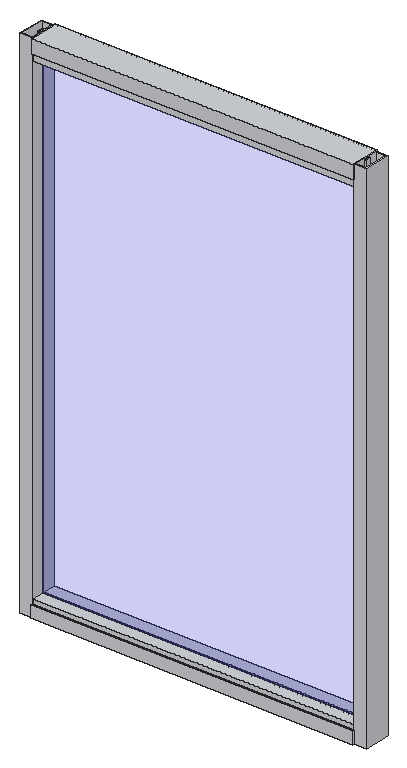
Revit family "1.Derwent 76 mm Centre Pocket Framing", category Windows, host Wall, Revit 2021
Family settings
  Host = Wall
  OmniClass Number = 23.30.20.00
  OmniClass Title = Windows
  Always vertical = Yes
  Cut with Voids When Loaded = No
  Shared = No
  Room Calculation Point = No
Parameters
  Rough Width = 0 mm  # constant formula
  Rough Height = 0 mm  # constant formula
  Height [instance] = 1500 mm
  Default Sill Height = 800 mm
  Wall Closure = By host
  Width [instance] = 1000 mm
Reference planes
  plane 1 "Center (Front/Back)": y = 0
  plane 2 "Center (Left/Right)": x = 0
  plane 3 "Left": x = -500
  plane 4 "Right": x = 500
  plane 5 "Sill": z = 800
  plane 6 "Head": z = 2300
  plane 7 "Exterior": y = 100
  plane 8 "Interior": y = -100
Lines and regions (mm)
  Opening 1
    outline origin (3500, -100, 0) x (1, 0, 0) y (0, 0, 1)
      loop
        line (-3000, 800) -> (-3000, 2300) -> (-4000, 2300) -> (-4000, 800) -> (-3000, 800)
Text (mm)
  text "Exterior" at (-1963.203, 1332.353, 0), in view "Ref. Level"
  text "Interior" at (-1981.466, -818.386, 0), in view "Ref. Level"
  text "Exterior" at (0, 923.751, 2943.296), in view "Right"
  text "Exterior" at (0, 1040.484, 2685.409), in view "Left"
Dimensions and locks
  equal spacing: plane 3 "Left", plane 2 "Center (Left/Right)", plane 4 "Right"
  "Width": plane 3 "Left" to plane 4 "Right"
  "Height": plane 5 "Sill" to plane 6 "Head"
  "Default Sill Height": plane 5 "Sill" to level
  locked: plane 7 "Exterior" to host wall
  locked: plane 8 "Interior" to host wall
  aligned and locked: nested 1 to plane 3 "Left"
  aligned and locked: nested 1 to plane 4 "Right"
  aligned and locked: nested 1 to plane 6 "Head"
  aligned and locked: nested 1 to plane 5 "Sill"
Automatic sketch dimensions
  Opening 1 sketch curve to plane 3 "Left" = 0 mm
  Opening 1 sketch curve to plane 4 "Right" = 0 mm
  Opening 1 sketch curve to plane 5 "Sill" = 0 mm
  Opening 1 sketch curve to plane 6 "Head" = 0 mm
Nested families
  nested 1: "1.Derwent 76 mm Centre Pocket Framing" at (0, -0.979, 302.568), type "1.Derwent 76 mm Centre Pocket Framing"
    with Width 1000 mm, Height 1500 mm, Glazing Thickness 10 mm, Glass Glass, Frame Material none, Actual Glazing Thickness (Manufacturer controlled) 10 mm
Definition of nested family "1.Derwent 76 mm Centre Pocket Framing"
  Parameters (values of type "1.Derwent 76 mm Centre Pocket Framing")
    Width [instance] = 2000 mm
    URL = "https://www.alspec.com.au/derwent-76mm-centre-pocket-framing"
    Sill Depth = 48.43 mm  # constant formula
    Manufacturer = "ALSPEC"
    Jamb Width = 76 mm  # constant formula
    Jamb Thickness = 35 mm  # constant formula
    Height [instance] = 2000 mm
    Head Depth = 60 mm  # constant formula
    Head & Sill Thickness = 85 mm  # constant formula
    Glazing Thickness [instance] = 10 mm
    Default Elevation = 1219.2 mm
    Actual Glazing Thickness (Manufacturer controlled) [instance] = if(Glazing Thickness > 10.38 mm, 10.38 mm, if(Glazing Thickness < 4 mm, 4 mm, Glazing Thickness))  # 10 mm
    Glass [instance] = none
    Frame Material [instance] = none
    Designer = "Viraj Mhatre"
  Reference planes
    plane 1 "Center (Front/Back)": y = 0.979
    plane 2: z = 1458.682
    plane 3 "Center (Left/Right)": x = 0
    plane 4 "Head Top": z = 1997.432
    plane 5 "Head Bottom": z = 1937.432
    plane 6 "Sill Top": z = 45.862
    plane 7 "Sill Bottom": z = -2.568
    plane 8: x = -1000
    plane 9: x = -965
    plane 10: x = 965
    plane 11: x = 1000
    plane 12: y = 5.979
    plane 13: y = -4.021
    plane 14: y = 38
    plane 15: y = -38
    plane 16: y = 43.479
    plane 17: y = -41.521
  Forms (mm)
    Sweep 1, solid, material <- "Frame Material"
      path origin (0, 0, 1458.682) x (1, 0, 0) y (0, 1, 0)
        loop
          line (-972.995, -3.021) -> (-972.995, 4.979) -> (-965, 4.979) -> (-965, 38) -> (-1000, 38) -> (-1000, -38) -> (-965, -38) -> (-965, -3.021) -> (-972.995, -3.021)
      profile origin (-972.995, 0.979, 1458.682) x (-1, 0, 0) y (0, 0, 1)
        loop
          line (0, -1461.25) -> (2, -1461.25) -> (2, 538.75) -> (0, 538.75) -> (0, -1461.25)
    Sweep 2, solid, material <- "Frame Material"
      path origin (0, 0, 1458.682) x (1, 0, 0) y (0, 1, 0)
        loop
          line (972.995, -3.021) -> (965, -3.021) -> (965, -38) -> (1000, -38) -> (1000, 38) -> (965, 38) -> (965, 4.979) -> (972.995, 4.979) -> (972.995, -3.021)
      profile origin (972.995, 0.979, 1458.682) x (-1, 0, 0) y (0, 0, 1)
        loop
          line (0, -1461.25) -> (0, 538.75) -> (-2, 538.75) -> (-2, -1461.25) -> (0, -1461.25)
    Sweep 3, solid, material <- "Frame Material"
      path origin (0, 0, 0) x (0, 1, 0) y (0, 0, 1)
        loop
          line (-40.541, 1957.432) -> (-36.041, 1957.432) -> (-36.041, 1937.432) -> (-3.021, 1937.432) -> (-3.021, 1945.427) -> (4.979, 1945.427) -> (4.979, 1937.432) -> (39.959, 1937.432) -> (39.959, 1957.432) -> (44.459, 1957.432) -> (44.459, 1997.432) -> (-40.541, 1997.432) -> (-40.541, 1957.432)
      profile origin (0, -38.291, 1957.432) x (0, 0, 1) y (1, 0, 0)
        loop
          line (0, -965) -> (2, -965) -> (2, 965) -> (0, 965) -> (0, -965)
    Sweep 4, solid, material <- "Frame Material"
      path origin (0, 0, 0) x (0, 1, 0) y (0, 0, 1)
        loop
          line (-42.453, -2.568) -> (45.947, -2.568) -> (45.947, 18.962) -> (39.947, 18.962) -> (39.947, 45.862) -> (4.979, 45.862) -> (4.979, 37.866) -> (-3.021, 37.866) -> (-3.021, 45.862) -> (-36.053, 45.862) -> (-36.053, 31.762) -> (-42.453, 31.762) -> (-42.453, -2.568)
      profile origin (0, 1.747, -2.568) x (0, 0, 1) y (1, 0, 0)
        loop
          line (0, -965) -> (2, -965) -> (2, 965) -> (0, 965) -> (0, -965)
    Extrusion 5, solid, material <- "Glass"
      sketch origin (0, 0, 1458.682) x (1, 0, 0) y (0, 1, 0)
        loop
          line (-972.995, 5.979) -> (-972.995, -4.021) -> (972.995, -4.021) -> (972.995, 5.979) -> (-972.995, 5.979)
      from -1420.815 to 486.745
  Lines and regions (mm)
    Masking region 1, detail levels coarse+fine
      outline origin (0, 0, 1458.682) x (1, 0, 0) y (0, 1, 0)
        loop
          line (-1000, 38) -> (-1000, -38) -> (-965, -38) -> (-965, -3.021) -> (-972.995, -3.021) -> (-972.995, 4.979) -> (-965, 4.979) -> (-965, 38) -> (-1000, 38)
        loop
          line (965, -38) -> (1000, -38) -> (1000, 38) -> (965, 38) -> (965, 4.979) -> (972.995, 4.979) -> (972.995, -3.021) -> (965, -3.021) -> (965, -38)
    Masking region 2, detail levels coarse+fine
      outline origin (0, 0, 0) x (0, 1, 0) y (0, 0, 1)
        loop
          line (44.459, 1997.432) -> (-40.541, 1997.432) -> (-40.541, 1957.432) -> (-36.041, 1957.432) -> (-36.041, 1937.432) -> (-3.021, 1937.432) -> (-3.021, 1945.427) -> (4.979, 1945.427) -> (4.979, 1937.432) -> (39.959, 1937.432) -> (39.959, 1957.432) -> (44.459, 1957.432) -> (44.459, 1997.432)
        loop
          line (39.947, 45.862) -> (4.979, 45.862) -> (4.979, 37.866) -> (-3.021, 37.866) -> (-3.021, 45.862) -> (-36.053, 45.862) -> (-36.053, 31.762) -> (-42.453, 31.762) -> (-42.453, -2.568) -> (45.947, -2.568) -> (45.947, 18.962) -> (39.947, 18.962) -> (39.947, 45.862)
    symbolic lines
      curve 1: line (0, 45.947, 1997.432) -> (0, 45.947, -2.568)
      curve 2: line (0, -42.453, -2.568) -> (0, 45.947, -2.568)
      curve 3: line (0, -42.453, -2.568) -> (0, -42.453, 1997.432)
      curve 4: line (0, -42.453, 1997.432) -> (0, 45.947, 1997.432)
      curve 5: line (-1000, 38, 1458.682) -> (1000, 38, 1458.682)
      curve 6: line (-1000, -38, 1458.682) -> (-1000, 38, 1458.682)
      curve 7: line (1000, -38, 1458.682) -> (-1000, -38, 1458.682)
      curve 8: line (1000, -38, 1458.682) -> (1000, 38, 1458.682)
  Dimensions and locks
    "Head Depth": plane 4 "Head Top" to plane 5 "Head Bottom"
    "Sill Depth": plane 6 "Sill Top" to plane 7 "Sill Bottom"
    "Height": plane 4 "Head Top" to plane 7 "Sill Bottom"
    "Jamb Thickness": plane 8 to plane 9
    "Jamb Thickness": plane 10 to plane 11
    equal spacing: plane 12, plane 1 "Center (Front/Back)", plane 13  (x2)
    "Actual Glazing Thickness (Manufacturer controlled)": plane 12 to plane 13
    "Jamb Width": plane 14 to plane 15
    equal spacing: plane 8, plane 3 "Center (Left/Right)", plane 11
    "Head & Sill Thickness": plane 16 to plane 17
    equal spacing: plane 16, plane 1 "Center (Front/Back)", plane 17
    "Width": plane 8 to plane 11
    aligned and locked: level to plane 2
    aligned and locked: plane 1 "Center (Front/Back)" to import instance  (x2)
    aligned and locked: import instance to plane 8
    aligned and locked: import instance to plane 11
    aligned and locked: import instance to plane 1 "Center (Front/Back)"  (x2)
    aligned and locked: Sweep 1 sketch curve to import instance  (x8)
    aligned and locked: plane 4 "Head Top" to Sweep 1 sketch curve
    aligned and locked: Sweep 1 sketch curve to plane 7 "Sill Bottom"
    aligned and locked: Sweep 2 sketch curve to import instance  (x8)
    aligned and locked: Sweep 2 sketch curve to plane 4 "Head Top"
    aligned and locked: plane 7 "Sill Bottom" to Sweep 2 sketch curve
    aligned and locked: Sweep 3 sketch curve to import instance  (x12)
    aligned and locked: plane 10 to Sweep 3 sketch curve
    aligned and locked: Sweep 3 sketch curve to plane 9
    aligned and locked: Sweep 4 sketch curve to import instance  (x12)
    aligned and locked: Sweep 4 sketch curve to plane 10
    aligned and locked: plane 9 to Sweep 4 sketch curve
    aligned and locked: Extrusion 5 sketch curve to plane 12
    aligned and locked: plane 13 to Extrusion 5 sketch curve
    aligned and locked: Extrusion 5 sketch curve to import instance  (x2)
    aligned and locked: Extrusion 5 to Sweep 3
    aligned and locked: plane 4 "Head Top" to import instance
    aligned and locked: import instance to plane 7 "Sill Bottom"
    aligned and locked: Extrusion 5 to Sweep 4
    aligned and locked: Masking region 1 sketch curve to Sweep 1  (x8)
    aligned and locked: Masking region 1 sketch curve to Sweep 2  (x8)
    aligned and locked: plane 1 "Center (Front/Back)" to nested 1
    aligned and locked: plane 8 to nested 1
    aligned and locked: plane 1 "Center (Front/Back)" to nested 2
    aligned and locked: plane 11 to nested 2
    aligned and locked: Masking region 2 sketch curve to import instance  (x23)
    aligned and locked: nested 3 to plane 1 "Center (Front/Back)"
    aligned and locked: nested 3 to plane 4 "Head Top"
    aligned and locked: nested 4 to plane 1 "Center (Front/Back)"
    aligned and locked: nested 4 to plane 7 "Sill Bottom"
    aligned and locked: curve 2 to nested 4
    aligned and locked: curve 1 to nested 4
    aligned and locked: curve 3 to nested 4
    aligned and locked: curve 4 to nested 3
    aligned and locked: curve 5 to nested 1
    aligned and locked: curve 6 to nested 1
    aligned and locked: curve 7 to nested 1
    aligned and locked: curve 8 to nested 2
  Automatic sketch dimensions
    Sweep 1 sketch curve to profile plane = 0 mm
    Sweep 1 sketch curve to profile plane = 2 mm
    Sweep 2 sketch curve to profile plane = 0 mm
    profile plane to Sweep 2 sketch curve = 2 mm
    Sweep 3 sketch curve to profile plane = 0 mm
    Sweep 3 sketch curve to profile plane = 2 mm
    Sweep 4 sketch curve to profile plane = 0 mm
    Sweep 4 sketch curve to profile plane = 2 mm
    Masking region 2 sketch curve to plane 16 = 0.979 mm
    curve 6 to plane 8 = 0 mm
    curve 6 to plane 14 = 0 mm
    curve 8 to plane 11 = 0 mm
    curve 8 to plane 15 = 0 mm
  Nested families
    nested 1: "Left Jamb" at (-1000, 0.979, 1458.682), type "Left Jamb", detail levels fine
    nested 2: "Right Jamb" at (1000, 0.979, 1458.682), type "Right Jamb", detail levels fine
    nested 3: "Head" at (0, 0.979, 1997.432) x (0, 1, 0) z (1, 0, 0), type "Head", detail levels fine
    nested 4: "Sill" at (0, 0.979, -2.568) x (0, 1, 0) z (1, 0, 0), type "Sill", detail levels fine
  Definition of nested family "Left Jamb"
    Reference planes
      plane 1 "Center (Front/Back)": y = 0
      plane 2: z = 0
      plane 3 "Center (Left/Right)": x = 0
    Dimensions and locks
      aligned and locked: plane 1 "Center (Front/Back)" to import instance
      aligned and locked: import instance to plane 3 "Center (Left/Right)"
  Definition of nested family "Right Jamb"
    Reference planes
      plane 1 "Center (Front/Back)": y = 0
      plane 2: z = 0
      plane 3 "Center (Left/Right)": x = 0
    Dimensions and locks
      aligned and locked: plane 1 "Center (Front/Back)" to import instance
      aligned and locked: import instance to plane 3 "Center (Left/Right)"
  Definition of nested family "Head"
    Reference planes
      plane 1 "Center (Front/Back)": y = 0
      plane 2: z = 0
      plane 3 "Center (Left/Right)": x = 0
    Dimensions and locks
      aligned and locked: import instance to plane 3 "Center (Left/Right)"
      aligned and locked: plane 1 "Center (Front/Back)" to import instance
  Definition of nested family "Sill"
    Reference planes
      plane 1 "Center (Front/Back)": y = 0
      plane 2: z = 0
      plane 3 "Center (Left/Right)": x = 0
    Dimensions and locks
      aligned and locked: import instance to plane 3 "Center (Left/Right)"
      aligned and locked: import instance to plane 1 "Center (Front/Back)"
